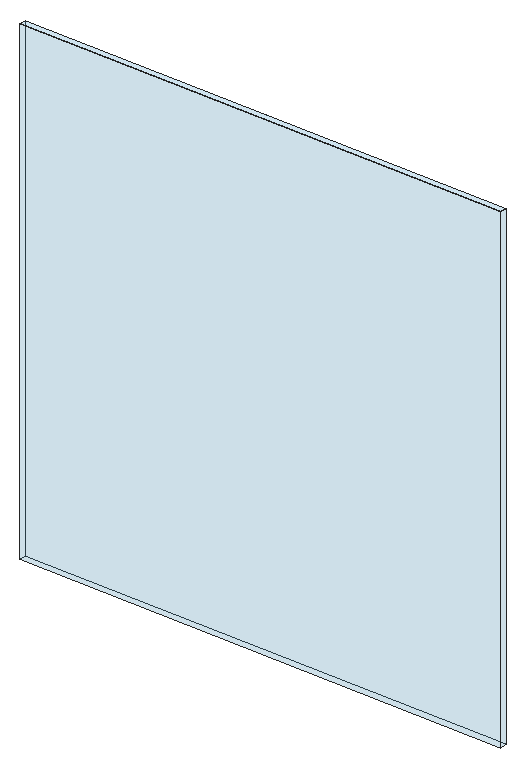
Revit family
Parameters (values of type "72" x 72"")
  Sealant = 0' - 0 3/8"
  Pocket Depth [instance] = 0' - 0 1/2"
  Head Height = Sill Height + Rough Height - Sealant  # 8' - 11 5/8"
  Depth [instance] = 0' - 7"
  Sill Height = 3' - 0"
  Rough Width = 6' - 0"
  Rough Height = 6' - 0"
  Model = "OPG17-1800"
  Material = ""
  Manufacturer = "Arcadia"
  Sightline = 0' - 2 5/8"
  Height = Rough Height - Sealant - Sealant  # 5' - 11 1/4"
  Wall Closure = (empty or 0)
  Width = Rough Width - Sealant - Sealant  # 5' - 11 1/4"
  Glass Thickness [instance] = 0' - 1"
  Offset to Inside Face of Glass [instance] = 0' - 5 5/16"
  Construction Type = "Aluminum"
  Center of Rough Opening [instance] = Rough Width / 2  # 3' - 0"
  Center of Glass [instance] = Glass Thickness / 2  # 0' - 0 1/2"
  Center Wall to Outside Face [instance] = 0' - 2 7/8"
  Assembly Code = ""
Reference planes (in)
  plane 1 "Center (Front/Back)": y = 0
  plane 2: z = 0
  plane 3 "Center (Left/Right)": x = 12
  plane 4 "Rough Opening Bottom": z = 36
  plane 5 "Rough Opening Top": z = 108
  plane 6 "Exterior Face": y = 5.75
  plane 7 "Frame Top": z = 105.375
  plane 8 "Frame Bottom": z = 38.625
  plane 9 "Rough Opening Left": x = -24
  plane 10 "Rough Opening Right": x = 48
  plane 11 "Frame Left": x = -21.375
  plane 12 "Frame Right": x = 45.375
  plane 13 "Exterior Glass Edge": y = 4.73644
  plane 14 "Interior Glass Edge": y = 3.73644
  plane 15 "Glass Centerline": y = 4.23644
  plane 16 "Frame Outside": y = 5.42394
  plane 17 "Frame Inside": y = -1.57606
  plane 18: z = 105.875
  plane 19: z = 38.125
  plane 20: x = 45.875
  plane 21: x = -21.875
  plane 22: x = 47.625
  plane 23: x = -23.625
  plane 24: z = 107.625
  plane 25: z = 36.375
Forms (in)
  Extrusion 1, solid, material "Anodize Arcadia AC2 Clear #11", detail levels coarse
    sketch origin (0, 0, 36) x (0, -1, 0) y (1, 0, 0)
      loop
        line (-5.42394, -24) -> (1.57606, -24) -> (1.57606, -21.375) -> (-3.73644, -21.375) -> (-3.73644, -21.875) -> (-4.73644, -21.875) -> (-4.73644, -21.375) -> (-5.42394, -21.375) -> (-5.42394, -24)
    from 0 to 72 <- "Rough Height"
  Extrusion 2, solid, material "Anodize Arcadia AC2 Clear #11", detail levels coarse
    sketch origin (0, 0, 36) x (0, -1, 0) y (1, 0, 0)
      loop
        line (-5.42394, 45.375) -> (-4.73644, 45.375) -> (-4.73644, 45.875) -> (-3.73644, 45.875) -> (-3.73644, 45.375) -> (1.57606, 45.375) -> (1.57606, 48) -> (-5.42394, 48) -> (-5.42394, 45.375)
    from 0 to 72 <- "Rough Height"
  Extrusion 3, solid, material "Glass"
    sketch origin (-0.5, 0, 36) x (0, -1, 0) y (1, 0, 0)
      loop
        line (-4.73644, -21.375) -> (-3.73644, -21.375) -> (-3.73644, 46.375) -> (-4.73644, 46.375) -> (-4.73644, -21.375)
    from 2.125 to 69.875
  Extrusion 4, solid, material "Anodize Arcadia AC2 Clear #11", detail levels coarse
    sketch origin (-24, 0, 0) x (0, 1, 0) y (0, 0, 1)
      loop
        line (-1.57606, 108) -> (-1.57606, 105.375) -> (3.73644, 105.375) -> (3.73644, 105.875) -> (4.73644, 105.875) -> (4.73644, 105.375) -> (5.42394, 105.375) -> (5.42394, 108) -> (-1.57606, 108)
    from 0 to 72 <- "Rough Width"
  Extrusion 5, solid, material "Anodize Arcadia AC2 Clear #11", detail levels coarse
    sketch origin (-24, 0, 0) x (0, 1, 0) y (0, 0, 1)
      loop
        line (5.42394, 38.625) -> (4.73644, 38.625) -> (4.73644, 38.125) -> (3.73644, 38.125) -> (3.73644, 38.625) -> (-1.57606, 38.625) -> (-1.57606, 36) -> (5.42394, 36) -> (5.42394, 38.625)
    from 0 to 72 <- "Rough Width"
  Extrusion 6, void
    sketch origin (0, 0, 36) x (0, -1, 0) y (1, 0, 0)
      loop
        line (-5.75, -24) -> (2.25, -24) -> (2.25, 48) -> (-5.75, 48) -> (-5.75, -24)
    from 0 to 72 <- "Rough Height"
Lines and regions (in)
  symbolic lines, detail levels coarse
    curve 1: line (-24, 5.42394, 0) -> (-21.375, 5.42394, 0)
    curve 2: line (-21.375, 5.42394, 0) -> (-21.375, 4.73644, 0)
    curve 3: line (45.875, 4.73644, 0) -> (-21.875, 4.73644, 0)
    curve 4: line (-21.875, 4.73644, 0) -> (-21.875, 3.73644, 0)
    curve 5: line (-21.875, 3.73644, 0) -> (45.875, 3.73644, 0)
    curve 6: line (-21.375, 3.73644, 0) -> (-21.375, -1.57606, 0)
    curve 7: line (-21.375, -1.57606, 0) -> (-24, -1.57606, 0)
    curve 8: line (-24, -1.57606, 0) -> (-24, 5.42394, 0)
    curve 9: line (48, 5.42394, 0) -> (45.375, 5.42394, 0)
    curve 10: line (45.375, 5.42394, 0) -> (45.375, 4.73644, 0)
    curve 11: line (45.875, 4.73644, 0) -> (45.875, 3.73644, 0)
    curve 12: line (45.375, 3.73644, 0) -> (45.375, -1.57606, 0)
    curve 13: line (45.375, -1.57606, 0) -> (48, -1.57606, 0)
    curve 14: line (48, -1.57606, 0) -> (48, 5.42394, 0)
Text (in)
  text "EXTERIOR" at (-58.6888, 50.90694, 0), in view "Ref. Level"
  text "INTERIOR" at (-58.6888, -37.76638, 0), in view "Ref. Level"
  text "Exterior" at (0, 43.65631, 123.19604), in view "Left"
  text "Exterior" at (0, 18.29385, 125.04747), in view "Right"
Dimensions and locks (in)
  "Rough Height": plane 4 "Rough Opening Bottom" to plane 5 "Rough Opening Top"
  "Sill Height": plane 2 to plane 4 "Rough Opening Bottom"
  "Sightline": plane 7 "Frame Top" to plane 5 "Rough Opening Top"
  "Sightline": plane 4 "Rough Opening Bottom" to plane 8 "Frame Bottom"
  "Rough Width": plane 9 "Rough Opening Left" to plane 10 "Rough Opening Right"
  "Sightline": plane 9 "Rough Opening Left" to plane 11 "Frame Left"
  "Sightline": plane 12 "Frame Right" to plane 10 "Rough Opening Right"
  "Depth": plane 17 "Frame Inside" to plane 16 "Frame Outside"
  "Glass Thickness": plane 13 "Exterior Glass Edge" to plane 14 "Interior Glass Edge"
  "Center of Glass": plane 15 "Glass Centerline" to plane 14 "Interior Glass Edge"
  "Center of Rough Opening": plane 9 "Rough Opening Left" to plane 3 "Center (Left/Right)"
  "Offset to Inside Face of Glass": plane 17 "Frame Inside" to plane 14 "Interior Glass Edge"
  "Pocket Depth": plane 12 "Frame Right" to plane 20
  "Pocket Depth": plane 21 to plane 11 "Frame Left"
  "Pocket Depth": plane 7 "Frame Top" to plane 18
  "Pocket Depth": plane 19 to plane 8 "Frame Bottom"
  "Sealant": plane 22 to plane 10 "Rough Opening Right"
  "Sealant": plane 9 "Rough Opening Left" to plane 23
  "Sealant": plane 24 to plane 5 "Rough Opening Top"
  "Sealant": plane 4 "Rough Opening Bottom" to plane 25
  aligned and locked: plane 6 "Exterior Face" to host wall
  aligned and locked: Extrusion 1 sketch curve to plane 17 "Frame Inside"
  aligned and locked: plane 16 "Frame Outside" to Extrusion 1 sketch curve
  aligned and locked: Extrusion 1 sketch curve to plane 11 "Frame Left"
  aligned and locked: plane 9 "Rough Opening Left" to Extrusion 1 sketch curve
  aligned and locked: plane 12 "Frame Right" to Extrusion 2 sketch curve
  aligned and locked: Extrusion 2 sketch curve to plane 10 "Rough Opening Right"
  aligned and locked: Extrusion 2 sketch curve to plane 17 "Frame Inside"
  aligned and locked: plane 16 "Frame Outside" to Extrusion 2 sketch curve
  aligned and locked: Extrusion 3 sketch curve to plane 13 "Exterior Glass Edge"
  aligned and locked: plane 14 "Interior Glass Edge" to Extrusion 3 sketch curve
  aligned and locked: plane 5 "Rough Opening Top" to Extrusion 4 sketch curve
  aligned and locked: Extrusion 4 sketch curve to plane 7 "Frame Top"
  aligned and locked: Extrusion 4 sketch curve to plane 17 "Frame Inside"
  aligned and locked: plane 16 "Frame Outside" to Extrusion 4 sketch curve
  aligned and locked: Extrusion 5 sketch curve to plane 4 "Rough Opening Bottom"
  aligned and locked: plane 8 "Frame Bottom" to Extrusion 5 sketch curve
  aligned and locked: Extrusion 5 sketch curve to plane 17 "Frame Inside"
  aligned and locked: plane 16 "Frame Outside" to Extrusion 5 sketch curve
  aligned and locked: plane 4 "Rough Opening Bottom" to nested 3
  aligned and locked: nested 2 to plane 5 "Rough Opening Top"
  aligned and locked: plane 19 to Extrusion 3
  aligned and locked: Extrusion 3 to plane 18
  aligned and locked: plane 17 "Frame Inside" to nested 3
  aligned and locked: plane 17 "Frame Inside" to nested 2
  aligned and locked: nested 1 to plane 16 "Frame Outside"
  aligned and locked: plane 10 "Rough Opening Right" to nested 1
  aligned and locked: nested 4 to plane 9 "Rough Opening Left"
  aligned and locked: plane 17 "Frame Inside" to nested 4
  aligned and locked: plane 13 "Exterior Glass Edge" to Extrusion 5 sketch curve
  aligned and locked: Extrusion 5 sketch curve to plane 14 "Interior Glass Edge"
  aligned and locked: plane 19 to Extrusion 5 sketch curve
  aligned and locked: Extrusion 4 sketch curve to plane 13 "Exterior Glass Edge"
  aligned and locked: plane 18 to Extrusion 4 sketch curve
  aligned and locked: plane 14 "Interior Glass Edge" to Extrusion 4 sketch curve
  aligned and locked: plane 14 "Interior Glass Edge" to Extrusion 2 sketch curve
  aligned and locked: Extrusion 2 sketch curve to plane 20
  aligned and locked: Extrusion 2 sketch curve to plane 13 "Exterior Glass Edge"
  aligned and locked: Extrusion 1 sketch curve to plane 14 "Interior Glass Edge"
  aligned and locked: Extrusion 1 sketch curve to plane 21
  aligned and locked: plane 13 "Exterior Glass Edge" to Extrusion 1 sketch curve
  aligned and locked: plane 16 "Frame Outside" to curve 1
  aligned and locked: plane 9 "Rough Opening Left" to curve 8
  aligned and locked: curve 2 to plane 11 "Frame Left"
  aligned and locked: curve 6 to plane 11 "Frame Left"
  aligned and locked: curve 4 to plane 21
  aligned and locked: curve 7 to plane 17 "Frame Inside"
  aligned and locked: curve 5 to plane 14 "Interior Glass Edge"
  aligned and locked: plane 13 "Exterior Glass Edge" to curve 3
  aligned and locked: curve 10 to plane 12 "Frame Right"
  aligned and locked: curve 12 to plane 12 "Frame Right"
  aligned and locked: curve 11 to plane 20
  aligned and locked: plane 10 "Rough Opening Right" to curve 14
  aligned and locked: curve 9 to plane 16 "Frame Outside"
  aligned and locked: plane 17 "Frame Inside" to curve 13
  aligned and locked: plane 9 "Rough Opening Left" to import instance
  aligned and locked: import instance to plane 16 "Frame Outside"  (x2)
  aligned and locked: plane 10 "Rough Opening Right" to import instance
  aligned and locked: plane 16 "Frame Outside" to import instance  (x2)
  aligned and locked: plane 5 "Rough Opening Top" to import instance
  aligned and locked: import instance to plane 4 "Rough Opening Bottom"
  aligned and locked: level to plane 2
  aligned and locked: plane 9 "Rough Opening Left" to Extrusion 6 sketch curve
  aligned and locked: plane 6 "Exterior Face" to Extrusion 6 sketch curve
  aligned and locked: host wall to Extrusion 6 sketch curve
  aligned and locked: plane 10 "Rough Opening Right" to Extrusion 6 sketch curve
Automatic sketch dimensions
  Extrusion 3 sketch curve to plane 21 = 0' - 0"
  Extrusion 3 sketch curve to plane 20 = 0' - 0"
  Extrusion 5 sketch curve to plane 8 "Frame Bottom" = 0' - 0"
  Extrusion 4 sketch curve to plane 7 "Frame Top" = 0' - 0"
  Extrusion 2 sketch curve to plane 12 "Frame Right" = 0' - 0"
  Extrusion 1 sketch curve to plane 11 "Frame Left" = 0' - 0"
Nested families (in)
  nested 1: "Window-Arcadia-OPG1900-Med-Jamb-R" at (46.9375, 4.23644, 0) x (-1, 0, 0) z (0, 0, 1), type "Window-Arcadia-OPG1900-Med-Jamb-R", detail levels medium
    with Sightline 0' - 2 5/8", Pocket Depth 0' - 0 1/2", Offset to Inside Face of Glass 0' - 5 5/16", Glass Width 0' - 1", Frame Wall Thickness 0' - 0 3/32", Depth 0' - 7", Center of Glass 0' - 0 1/2"
  nested 2: "Window-Arcadia-OPG1900-Med-Head" at (33.875, 4.23644, 108) x (0, -1, 0) z (1, 0, 0), type "Window-Arcadia-OPG1900-Med-Head", detail levels medium
    with Sightline 0' - 2 5/8", Pocket Depth 0' - 0 1/2", Offset to Inside Face of Glass 0' - 5 5/16", Glass Width 0' - 1", Frame Wall Thickness 0' - 0 3/32", Depth 0' - 7", Center of Glass 0' - 0 1/2"
  nested 3: "Window-Arcadia-OPG1900-Med-Sill" at (33.875, 4.23644, 36) x (0, -1, 0) z (1, 0, 0), type "Window-Arcadia-OPG1900-Med-Sill", detail levels medium
    with Sightline 0' - 2 5/8", Pocket Depth 0' - 0 1/2", Offset to Inside Face of Glass 0' - 5 5/16", Glass Width 0' - 1", Frame Wall Thickness 0' - 0 3/32", Depth 0' - 7", Center of Glass 0' - 0 1/2"
  nested 4: "Window-Arcadia-OPG1900-Med-Jamb-L" at (-22.9375, 4.23644, 0) x (-1, 0, 0) z (0, 0, 1), type "Window-Arcadia-OPG1900-Med-Jamb-L", detail levels medium
    with Sightline 0' - 2 5/8", Pocket Depth 0' - 0 1/2", Offset to Inside Face of Glass 0' - 5 5/16", Glass Width 0' - 1", Frame Wall Thickness 0' - 0 3/32", Depth 0' - 7", Center of Glass 0' - 0 1/2"
Definition of nested family "Window-Arcadia-OPG1900-Med-Jamb-R"
  Parameters (values of type "Window-Arcadia-TC670-Med-Jamb-R")
    Depth [instance] = 0' - 6"
    Pocket Depth [instance] = 0' - 0 3/4"
    Offset to Inside Face of Glass [instance] = 0' - 4"
    Glass Width [instance] = 0' - 1"
    Sightline [instance] = 0' - 2 5/8"
    Center of Glass [instance] = Glass Width / 2  # 0' - 0 1/2"
    Frame Wall Thickness [instance] = 0' - 0 3/32"
    Assembly Code = ""
  Reference planes (in)
    plane 1 "Center (Front/Back)": y = 0
    plane 2: z = 0
    plane 3: x = 1.5625
    plane 4 "back": x = -1.0625
    plane 5: y = 4.5
    plane 6: y = -1.5
    plane 7 "Inside Face of Glass": y = 0.5
    plane 8: y = -0.5
    plane 9: x = 0.8125
  Lines and regions (in)
    detail lines, in view "Ref. Level", detail levels medium
      curve 1: line (-1.0625, 4.5, 0) -> (-1.0625, -1.5, 0)
      curve 2: line (-1.0625, -1.5, 0) -> (1.5625, -1.5, 0)
      curve 3: line (1.5625, -1.5, 0) -> (1.5625, -0.5, 0)
      curve 4: line (1.5625, -0.5, 0) -> (0.8125, -0.5, 0)
      curve 5: line (0.8125, -0.5, 0) -> (0.8125, 0.5, 0)
      curve 6: line (0.8125, 0.5, 0) -> (1.5625, 0.5, 0)
      curve 7: line (1.5625, 0.5, 0) -> (1.5625, 4.5, 0)
      curve 8: line (1.5625, 4.5, 0) -> (-1.0625, 4.5, 0)
      curve 9: line (1.46875, 4.40625, 0) -> (-0.96875, 4.40625, 0)
      curve 10: line (-0.96875, 4.40625, 0) -> (-0.96875, -1.40625, 0)
      curve 11: line (-0.96875, -1.40625, 0) -> (1.46875, -1.40625, 0)
      curve 12: line (1.46875, -1.40625, 0) -> (1.46875, -0.59375, 0)
      curve 13: line (1.46875, -0.59375, 0) -> (0.71875, -0.59375, 0)
      curve 14: line (0.71875, -0.59375, 0) -> (0.71875, 0.59375, 0)
      curve 15: line (0.71875, 0.59375, 0) -> (1.46875, 0.59375, 0)
      curve 16: line (1.46875, 0.59375, 0) -> (1.46875, 4.40625, 0)
      curve 17: line (1.5625, 4.5, 0) -> (-1.0625, 4.5, 0)
      curve 18: line (-1.0625, 4.40625, 0) -> (-1.0625, -1.5, 0)
  Dimensions and locks (in)
    "Sightline": plane 4 "back" to plane 3
    "Depth": plane 5 to plane 6
    "Center of Glass": plane 1 "Center (Front/Back)" to plane 7 "Inside Face of Glass"
    "Glass Width": plane 8 to plane 7 "Inside Face of Glass"
    "Pocket Depth": plane 9 to plane 3
    "Offset to Inside Face of Glass": plane 5 to plane 7 "Inside Face of Glass"
    "Frame Wall Thickness": plane 5 to curve 9
    "Frame Wall Thickness": plane 4 "back" to curve 10
    "Frame Wall Thickness": curve 11 to plane 6
    "Frame Wall Thickness": curve 12 to plane 3
    "Frame Wall Thickness": curve 13 to plane 8
    "Frame Wall Thickness": plane 7 "Inside Face of Glass" to curve 15
    "Frame Wall Thickness": curve 14 to plane 9
    "Frame Wall Thickness": curve 16 to plane 3
    aligned and locked: plane 5 to curve 8
    aligned and locked: curve 1 to plane 4 "back"
    aligned and locked: curve 2 to plane 6
    aligned and locked: plane 3 to curve 3
    aligned and locked: curve 4 to plane 8
    aligned and locked: plane 9 to curve 5
    aligned and locked: plane 7 "Inside Face of Glass" to curve 6
    aligned and locked: plane 3 to curve 7
  Automatic sketch dimensions
    curve 18 to curve 9 = 0' - 0"
Definition of nested family "Window-Arcadia-OPG1900-Med-Head"
  Parameters (values of type "Window-Arcadia-A400-Med-Head")
    Depth [instance] = 0' - 6"
    Pocket Depth [instance] = 0' - 0 1/2"
    Offset to Inside Face of Glass [instance] = 0' - 4"
    Glass Width [instance] = 0' - 1"
    Sightline [instance] = 0' - 2 5/8"
    Center of Glass [instance] = Glass Width / 2  # 0' - 0 1/2"
    Frame Wall Thickness [instance] = 0' - 0 3/32"
    Assembly Code = ""
  Reference planes (in)
    plane 1 "Center (Front/Back)": y = 0
    plane 2: z = 0
    plane 3 "Center (Left/Right)": x = 0
    plane 4: x = -0.5
    plane 5 "Inside Face of Glass": x = 0.5
    plane 6: y = -2.625
    plane 7: x = 4.5
    plane 8: x = -1.5
    plane 9: y = -2.125
  Lines and regions (in)
    detail lines, in view "Ref. Level", detail levels medium
      curve 1: line (-1.5, 0, 0) -> (-1.5, -2.625, 0)
      curve 2: line (-1.5, -2.625, 0) -> (-0.5, -2.625, 0)
      curve 3: line (-0.5, -2.625, 0) -> (-0.5, -2.125, 0)
      curve 4: line (-0.5, -2.125, 0) -> (0.5, -2.125, 0)
      curve 5: line (0.5, -2.125, 0) -> (0.5, -2.625, 0)
      curve 6: line (0.5, -2.625, 0) -> (4.5, -2.625, 0)
      curve 7: line (4.5, -2.625, 0) -> (4.5, 0, 0)
      curve 8: line (4.5, 0, 0) -> (-1.5, 0, 0)
      curve 9: line (-1.40625, -0.09375, 0) -> (-1.40625, -2.53125, 0)
      curve 10: line (4.40625, -0.09375, 0) -> (-1.40625, -0.09375, 0)
      curve 11: line (4.40625, -2.53125, 0) -> (4.40625, -0.09375, 0)
      curve 12: line (0.59375, -2.53125, 0) -> (4.40625, -2.53125, 0)
      curve 13: line (-1.40625, -2.53125, 0) -> (-0.59375, -2.53125, 0)
      curve 14: line (-0.59375, -2.53125, 0) -> (-0.59375, -2.03125, 0)
      curve 15: line (-0.59375, -2.03125, 0) -> (0.59375, -2.03125, 0)
      curve 16: line (0.59375, -2.03125, 0) -> (0.59375, -2.53125, 0)
  Dimensions and locks (in)
    "Sightline": plane 6 to plane 1 "Center (Front/Back)"
    "Depth": plane 8 to plane 7
    "Pocket Depth": plane 6 to plane 9
    "Offset to Inside Face of Glass": plane 5 "Inside Face of Glass" to plane 7
    "Glass Width": plane 4 to plane 5 "Inside Face of Glass"
    "Center of Glass": plane 3 "Center (Left/Right)" to plane 5 "Inside Face of Glass"
    "Frame Wall Thickness": plane 8 to curve 9
    "Frame Wall Thickness": curve 10 to plane 1 "Center (Front/Back)"
    "Frame Wall Thickness": curve 11 to plane 7
    "Frame Wall Thickness": plane 6 to curve 12
    "Frame Wall Thickness": plane 6 to curve 13
    "Frame Wall Thickness": plane 9 to curve 15
    "Frame Wall Thickness": plane 5 "Inside Face of Glass" to curve 16
    "Frame Wall Thickness": curve 14 to plane 4
    aligned and locked: curve 8 to plane 1 "Center (Front/Back)"
    aligned and locked: plane 7 to curve 7
    aligned and locked: curve 1 to plane 8
    aligned and locked: plane 9 to curve 4
    aligned and locked: plane 4 to curve 3
    aligned and locked: plane 6 to curve 2
    aligned and locked: plane 6 to curve 6
  Automatic sketch dimensions
    curve 5 to plane 5 "Inside Face of Glass" = 0' - 0"
Definition of nested family "Window-Arcadia-OPG1900-Med-Sill"
  Parameters (values of type "Window-Arcadia-A400-Med-Sill")
    Depth [instance] = 0' - 6"
    Pocket Depth [instance] = 0' - 0 1/2"
    Offset to Inside Face of Glass [instance] = 0' - 4"
    Glass Width [instance] = 0' - 1"
    Sightline [instance] = 0' - 2 5/8"
    Center of Glass [instance] = Glass Width / 2  # 0' - 0 1/2"
    Frame Wall Thickness [instance] = 0' - 0 3/32"
    Assembly Code = ""
  Reference planes (in)
    plane 1 "Center (Front/Back)": y = 0
    plane 2: z = 0
    plane 3 "Center (Left/Right)": x = 0
    plane 4: x = -0.5
    plane 5 "Inside Face of Glass": x = 0.5
    plane 6: y = 2.625
    plane 7: x = 4.5
    plane 8: x = -1.5
    plane 9: y = 2.125
  Lines and regions (in)
    detail lines, in view "Ref. Level", detail levels medium
      curve 1: line (-1.5, 2.625, 0) -> (-1.5, 0, 0)
      curve 2: line (-1.5, 0, 0) -> (4.5, 0, 0)
      curve 3: line (4.5, 0, 0) -> (4.5, 2.625, 0)
      curve 4: line (4.5, 2.625, 0) -> (0.5, 2.625, 0)
      curve 5: line (0.5, 2.625, 0) -> (0.5, 2.125, 0)
      curve 6: line (0.5, 2.125, 0) -> (-0.5, 2.125, 0)
      curve 7: line (-0.5, 2.125, 0) -> (-0.5, 2.625, 0)
      curve 8: line (-0.5, 2.625, 0) -> (-1.5, 2.625, 0)
      curve 9: line (-0.59375, 2.53125, 0) -> (-1.40625, 2.53125, 0)
      curve 10: line (-1.40625, 2.53125, 0) -> (-1.40625, 0.09375, 0)
      curve 11: line (-1.40625, 0.09375, 0) -> (4.40625, 0.09375, 0)
      curve 12: line (4.40625, 0.09375, 0) -> (4.40625, 2.53125, 0)
      curve 13: line (4.40625, 2.53125, 0) -> (0.59375, 2.53125, 0)
      curve 14: line (0.59375, 2.53125, 0) -> (0.59375, 2.03125, 0)
      curve 15: line (0.59375, 2.03125, 0) -> (-0.59375, 2.03125, 0)
      curve 16: line (-0.59375, 2.03125, 0) -> (-0.59375, 2.53125, 0)
  Dimensions and locks (in)
    "Pocket Depth": plane 9 to plane 6
    "Sightline": plane 1 "Center (Front/Back)" to plane 6
    "Depth": plane 8 to plane 7
    "Offset to Inside Face of Glass": plane 5 "Inside Face of Glass" to plane 7
    "Glass Width": plane 4 to plane 5 "Inside Face of Glass"
    "Center of Glass": plane 3 "Center (Left/Right)" to plane 5 "Inside Face of Glass"
    "Frame Wall Thickness": curve 9 to plane 6
    "Frame Wall Thickness": plane 8 to curve 10
    "Frame Wall Thickness": plane 1 "Center (Front/Back)" to curve 11
    "Frame Wall Thickness": curve 12 to plane 7
    "Frame Wall Thickness": curve 13 to plane 6
    "Frame Wall Thickness": plane 5 "Inside Face of Glass" to curve 14
    "Frame Wall Thickness": curve 15 to plane 9
    "Frame Wall Thickness": curve 16 to plane 4
    aligned and locked: plane 1 "Center (Front/Back)" to curve 2
    aligned and locked: plane 7 to curve 3
    aligned and locked: curve 1 to plane 8
    aligned and locked: curve 8 to plane 6
    aligned and locked: curve 4 to plane 6
    aligned and locked: curve 6 to plane 9
    aligned and locked: curve 5 to plane 5 "Inside Face of Glass"
    aligned and locked: plane 4 to curve 7
  Automatic sketch dimensions
    curve 7 to plane 9 = 0' - 0"
Definition of nested family "Window-Arcadia-OPG1900-Med-Jamb-L"
  Parameters (values of type "Window-Arcadia-TC670-Med-Jamb-L")
    Depth [instance] = 0' - 6"
    Pocket Depth [instance] = 0' - 0 1/2"
    Offset to Inside Face of Glass [instance] = 0' - 4"
    Glass Width [instance] = 0' - 1"
    Sightline [instance] = 0' - 2 1/8"
    Center of Glass [instance] = Glass Width / 2  # 0' - 0 1/2"
    Frame Wall Thickness [instance] = 0' - 0 3/32"
    Assembly Code = ""
  Reference planes (in)
    plane 1 "Center (Front/Back)": y = 0
    plane 2: z = 0
    plane 3 "BACK": x = 1.0625
    plane 4 "FRONT": x = -1.0625
    plane 5: y = 1.5
    plane 6: y = -4.5
    plane 7 "Inside Face of Glass": y = 0.5
    plane 8: y = -0.5
    plane 9: x = -0.5625
  Lines and regions (in)
    detail lines, in view "Ref. Level", detail levels medium
      curve 1: line (1.0625, 1.5, 0) -> (1.0625, -4.5, 0)
      curve 2: line (1.0625, -4.5, 0) -> (-1.0625, -4.5, 0)
      curve 3: line (-1.0625, -4.5, 0) -> (-1.0625, -0.5, 0)
      curve 4: line (-1.0625, -0.5, 0) -> (-0.5625, -0.5, 0)
      curve 5: line (-0.5625, -0.5, 0) -> (-0.5625, 0.5, 0)
      curve 6: line (-0.5625, 0.5, 0) -> (-1.0625, 0.5, 0)
      curve 7: line (-1.0625, 0.5, 0) -> (-1.0625, 1.5, 0)
      curve 8: line (-1.0625, 1.5, 0) -> (1.0625, 1.5, 0)
      curve 9: line (-0.96875, 1.40625, 0) -> (0.96875, 1.40625, 0)
      curve 10: line (-0.96875, 0.59375, 0) -> (-0.96875, 1.40625, 0)
      curve 11: line (-0.46875, 0.59375, 0) -> (-0.96875, 0.59375, 0)
      curve 12: line (-0.46875, -0.59375, 0) -> (-0.46875, 0.59375, 0)
      curve 13: line (-0.96875, -0.59375, 0) -> (-0.46875, -0.59375, 0)
      curve 14: line (-0.96875, -4.40625, 0) -> (-0.96875, -0.59375, 0)
      curve 15: line (0.96875, -4.40625, 0) -> (-0.96875, -4.40625, 0)
      curve 16: line (0.96875, 1.40625, 0) -> (0.96875, -4.40625, 0)
  Dimensions and locks (in)
    "Depth": plane 5 to plane 6
    "Pocket Depth": plane 4 "FRONT" to plane 9
    "Sightline": plane 4 "FRONT" to plane 3 "BACK"
    "Glass Width": plane 8 to plane 7 "Inside Face of Glass"
    "Center of Glass": plane 1 "Center (Front/Back)" to plane 7 "Inside Face of Glass"
    "Frame Wall Thickness": plane 4 "FRONT" to curve 10
    "Frame Wall Thickness": plane 5 to curve 9
    "Frame Wall Thickness": curve 15 to plane 6
    "Frame Wall Thickness": curve 13 to plane 8
    "Frame Wall Thickness": plane 9 to curve 12
    "Frame Wall Thickness": plane 7 "Inside Face of Glass" to curve 11
    "Frame Wall Thickness": plane 4 "FRONT" to curve 14
    "Offset to Inside Face of Glass": plane 6 to plane 8
    aligned and locked: curve 8 to plane 5
    aligned and locked: curve 1 to plane 3 "BACK"
    aligned and locked: plane 6 to curve 2
    aligned and locked: curve 3 to plane 4 "FRONT"
    aligned and locked: plane 8 to curve 4
    aligned and locked: plane 9 to curve 5
    aligned and locked: curve 6 to plane 7 "Inside Face of Glass"
    aligned and locked: plane 4 "FRONT" to curve 7
  Automatic sketch dimensions
    curve 16 to plane 3 "BACK" = 0' - 0 3/32"
